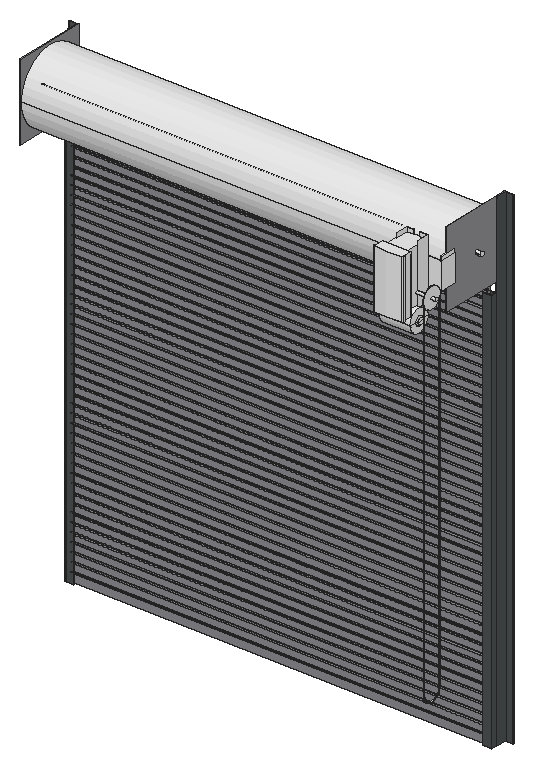
Revit family "Doors_Fire-Doors-Shutters_Overhead-Door-Corporation_FireKing-Fire-Rated-Insulated-Service-Doors-635_", category Specialty Equipment, host Wall, Revit 2019
Family settings
  Host = Wall
  Round Connector Dimension = Use Diameter
  Part Type = Normal
  OmniClass Number = 23.30.10.21.34
  OmniClass Title = Industrial Doors
  Always vertical = Yes
  Cut with Voids When Loaded = Yes
  Shared = No
  Room Calculation Point = No
Parameters (values of type "115 volts, one phase, 60 Hz (110-120V range)")
  Width Count [instance] = if(or(Opening Width < 168", Opening Width = 168"), 14, if(or(Opening Width < 240", Opening Width = 240"), 20, 24))  # 14
  Warning Sign [instance] = if(Calculated Area > 683.00 SF, 1 = 1, 1 = 2)  # no
  Warning (Note) [instance] = if(Warning Sign, "The Door Area is out of the limit; please adjust accordingly. The maximum allowed area is 683 sq. ft.", if(HC Warning = 1, "Headroom Clearance Dimensions - out of the limits. Consult Factory", " "))  # " "
  Wall Thickness [instance] = 6"
  Voltage = 115 V
  True Opening Width [instance] = if(Between Jambs Mounting, Door Width True, Clear Width)  # 120"
  True Opening Height [instance] = if(Between Jambs Mounting, Clear Height + Headroom Height, Clear Height)  # 120"
  Slat Type [instance] = "F-265i"  # constant formula
  Slat Material [instance] = Steel - Overhead Door - Gray
  Slat Length [instance] = if(Between Jambs Mounting, Clear Width + 1 13/16" * 2, Clear Width + 1 9/16" * 2 + 1/4" * 2)  # 123 5/8"
  Slat Height [instance] = 13 19/128"  # constant formula
  Slat [instance] = 3  # constant formula
  Product Page URL = "https://www.overheaddoor.com/fire-rated-insulated-doors-635"
  Power Factor = 1
  Powder Coat (Note) = "PowderGuard® Premium powder coat finish options are available in approximately 200 colors as well as custom matching to specification. PowderGuard® Textured finish, a thicker, more scratch resistant coat, is available in 11 colors providing enhanced scratch resistance as well as aiding in hiding the dirt and blemishes that often occur in commercial environments.​"  # constant formula
  Operator Visibility = yes
  Operation (Note) [instance] = "Door could operate by manual push, crank, electrical operator or chain hoist. Manual push up and crank could be used up to 80 sf, for larger door sizes you have to use Chain Hoist operator."  # constant formula
  Opening Width Real [instance] = if(Opening Width > Max Opening Width, Max Opening Width, if(Opening Width < Min Opening Width, Min Opening Width, Opening Width))  # 120"
  Opening Width [instance] = 120"
  Opening Height Real [instance] = if(Opening Height > Max Opening Height, Max Opening Height, if(Opening Height < Min Opening Height, Min Opening Height, Opening Height))  # 120"
  Opening Height [instance] = 120"
  One Array element [instance] = not(Array Vis)  # no
  Number of Poles = 1
  Motor Type [instance] = if(Between Jambs Mounting, "RSX FDO Front of Hood", if(Motor Option < 2, "RSX FDO Front of Hood", if(Motor Option = 2, "RSX FDO Top of Hood", if(Motor Option = 3, "RSX Wall Mount", "RSX Bench Mount"))))  # "RSX FDO Front of Hood"
  Motor Selection (Note) [instance] = "Generic operator shown. Contact Overhead Door when dimensions are critical. "  # constant formula
  Motor Position [instance] = if(Between Jambs Mounting, BJ Displacement Real, 2 1/2")  # 2 1/2"
  Motor Option Real [instance] = if(Between Jambs Mounting, 1, if(Motor Option < 1, 1, if(Motor Option > 4, 4, Motor Option)))  # 1
  Motor Option [instance] = 1
  Min Opening Width [instance] = if(Between Jambs Mounting, 18" + BJ Displacement Real * 2 + 2 3/4" * 2, 18")  # 18"
  Min Opening Height [instance] = if(Between Jambs Mounting, 24" + Headroom Height, 24")  # 24"
  Max Opening Width [instance] = 288"  # constant formula
  Max Opening Height [instance] = 288"  # constant formula
  Lookup Table = "Hood Dimensions"  # constant formula
  Lookup BD [instance] = size_lookup(Lookup Table, "A3", 10", Width Count, Height Count)  # 21 1/2"
  Jambs Offset [instance] = if(Between Jambs Mounting, BJ Displacement Real + 2 3/4", 0")  # 0"
  Installation Real [instance] = if(Between Jambs Mounting, Wall Thickness / 2 - Guid Depth / 2, Wall Thickness)  # 6"
  Hood Type [instance] = if(Hood Option < 2, "No Hood", if(Hood Option = 2, "Square Hood", if(Hood Option = 3, "Octagon Hood", "Round Hood")))  # "No Hood"
  Hood Option [instance] = 1
  Hood Offset [instance] = if(Chain Hoist or Manual, 1", 3")  # 3"
  Hood Material [instance] = Metal - Overhead Door - Gray
  Hood Height [instance] = if(Between Jambs Mounting, Headroom Height - Hood Offset, if(Hood Option > 1, Headroom Height - Hood Offset - 1 1/2", Headroom Height - Hood Offset))  # 22 5/8"
  Height Count [instance] = HC 3  # 10
  Lookup HH [instance] = size_lookup(Lookup Table, "B3", 10", Width Count, Height Count)  # 23 5/8"
  Headroom Height [instance] = if(Chain Hoist or Manual, Lookup HH, Lookup HH + 2")  # 25 5/8"
  HC Warning [instance] = size_lookup(Lookup Table, "W3", 0, Width Count, Height Count)  # 0
  HC 3 [instance] = if(or(Opening Height < 120", Opening Height = 120"), 10, if(or(Opening Height < 168", Opening Height = 168"), 14, if(or(Opening Height < 192", Opening Height = 192"), 16, if(or(Opening Height < 216", Opening Height = 216"), 18, if(or(Opening Height < 228", Opening Height = 228"), 19, if(or(Opening Height < 252", Opening Height = 252"), 21, 24))))))  # 10
  Guide Type [instance] = if(Between Jambs Mounting, "Angled Between Jambs Z Guide", "Angled Z Guide")  # "Angled Z Guide"
  Guide Option [instance] = if(Between Jambs Mounting, 1, 2)  # 2
  Guid Depth [instance] = 5"  # constant formula
  Frequency = 60 Hz
  Face of Wall Offset [instance] = if(Between Jambs Mounting, 0", 5")  # 5"
  Face Of Wall Mounting [instance] = not(Between Jambs Mounting)  # yes
  Door Width True [instance] = if(Between Jambs Mounting, Clear Width + BJ Displacement Real * 2 + 2 3/4" * 2, Clear Width + 5 3/4" * 2)  # 131 1/2"
  Door Width (Real) [instance] = if(Between Jambs Mounting, Clear Width, Clear Width + 1" / 2)  # 120 1/2"
  Door Height True [instance] = Clear Width + Headroom Height  # 145 5/8"
  Door Height (Real) [instance] = Clear Height + Hood Offset  # 123"
  URL = "https://www.overheaddoor.com/"
  Product data url = "https://www.bimobject.com/overhead-door/product/fireking-fire-rated-service-doors-635"
  Product Guid = "b92c1c0a-c28d-4141-9bd0-b1420aeda4f7"
  Model = "635"  # constant formula
  Manufacturer = "Overhead Door Corporation"  # constant formula
  Wall Closure = By host
  Floor To (CL) of Shaft [instance] = Clear Height + Hood Height / 2 + Hood Offset  # 134 5/16"
  Finish Material = Finish - Overhead Door - Black
  Description = "FireKing Model 635 Insulated Rolling Fire Door R-Value 4.5 STC 21"  # constant formula
  Clear Width [instance] = if(Between Jambs Mounting, Opening Width Real - BJ Displacement Real * 2 - 2 3/4" * 2, Opening Width Real)  # 120"
  Clear Height [instance] = if(Between Jambs Mounting, Opening Height Real - Headroom Height, Opening Height Real)  # 120"
  Chain Hoist or Manual = no
  Current = 20 A
  Connector Array Distance = 0"  # constant formula
  Connector Array = if(Chain Hoist or Manual, 2, 3)  # 3
  Between Jambs Mounting [instance] = no
  Between Jambs Guides Offset [instance] = 3"
  Bar [instance] = if(and(Hood Option > 1, Face Of Wall Mounting), 1 = 1, 1 = 2)  # no
  Backroom Depth [instance] = Lookup BD  # 21 1/2"
  BJ Opening Cut [instance] = if(Between Jambs Mounting, Headroom Height, 0")  # 0"
  BJ Displacement Real [instance] = if(Between Jambs Mounting, if(Between Jambs Guides Offset < 3", 3", if(Between Jambs Guides Offset > 6 3/4", 6 3/4", Between Jambs Guides Offset)), 0")  # 0"
  Array Vis [instance] = if(Array < 2, 1 = 2, 1 = 1)  # yes
  Array Real [instance] = if(Array < 2, 2, Array)  # 10
  Array Length [instance] = (Array) * Slat Height  # 131 31/64"
  Array [instance] = rounddown(([Door Height (Real)]) / Slat Height) + 1  # 10
  Calculated Area [instance] = [Door Width (Real)] * [Door Height (Real)]  # 102.927 SF
  Apparent Load Phase 3 = if(Number of Poles = 1, 0 VA, (Voltage * Current * sqrt(3)) / 3)  # 0 VA
  Apparent Load Phase 2 = if(Number of Poles = 1, 0 VA, (Voltage * Current * sqrt(3)) / 3)  # 0 VA
  Apparent Load Phase 1 = if(Number of Poles = 1, Voltage * Current, (Voltage * Current * sqrt(3)) / 3)  # 2300 VA
Reference planes (in)
  plane 1 "Center (Front/Back)": y = -14.625
  plane 2 "Center (Left/Right)": x = 0
  plane 3 "Left": x = -60
  plane 4 "Right": x = 60
  plane 5 "Exterior": y = -8.625
  plane 6 "Interior": y = -14.625
  plane 7: x = 65.75
  plane 8: x = -65.75
  plane 9: z = 120
  plane 10 "Main": y = -19.15209
  plane 11 "Backroom Depth": y = -36.125
  plane 12 "Main Door Block": y = -14.625
  plane 13 "Bottom Bar": z = 2.75
  plane 14: y = -19.625
  plane 15: z = 134.23438
  plane 16: z = 145.625
  plane 17: z = 123
  plane 18: z = 147.125
  plane 19: z = 0
  plane 20: z = 60
  plane 21: y = -18.88622
  plane 22: y = 18.375
  plane 23: y = -41.625
  plane 24 "Double Main": y = -18.57372
  plane 25 "Headroom Top": z = 145.625
  plane 26: z = 134.3125
  plane 27: x = 63.25
  plane 28: x = -63.25
Forms (in)
  Extrusion 1, void
    sketch origin (0, -14.625, 0) x (0, 0, -1) y (-1, 0, 0)
      loop
        line (-120, 60) -> (-120, -60) -> (0, -60) -> (0, 60) -> (-120, 60)
    from 0 to 6
  Extrusion 2, solid, material "Metal - Overhead Door - Gray" <- "Hood Material", visible <- "Bar"
    sketch origin (0, 0, 0) x (0, 1, 0) y (0, 0, 1)
      loop
        line (-14.875, 145.625) -> (-14.625, 145.625) -> (-14.625, 147.125) -> (-14.875, 147.125) -> (-14.875, 145.625)
    from -63 to 63
Lines and regions (in)
  symbolic lines, visible <- "Bar"
    curve 1: line (63, -14.625, 0) -> (-63, -14.625, 0)
    curve 2: line (-63, -14.875, 0) -> (63, -14.875, 0)
Text (in)
  text "Exterior" at (-74.96733, 27.31104, 0), in view "Ref. Level"
  text "Interior" at (-74.96733, -25.14366, 0), in view "Ref. Level"
  text "Exterior" at (0, 40.15149, 123.01588), in view "Right"
  text "Interior" at (0, -64.39139, 123.01588), in view "Right"
  text "Interior" at (0, -31.01599, 123.00693), in view "Left"
  text "Exterior" at (0, 54.57065, 123.00693), in view "Left"
Dimensions and locks (in)
  equal spacing: plane 3 "Left", plane 2 "Center (Left/Right)", plane 4 "Right"
  "Clear Width": plane 3 "Left" to plane 4 "Right"
  level to host wall = 459.59655"
  "Clear Height": level to plane 9
  plane 7 to plane 8 = 131 1/2"
  equal spacing: plane 7, plane 2 "Center (Left/Right)", plane 8
  locked: plane 13 "Bottom Bar" to level at 2.75
  "Door Width True": plane 7 to plane 8
  "Guid Depth": plane 14 to plane 12 "Main Door Block"
  locked: plane 14 to plane 10 "Main" at 0.47291
  equal spacing: group 1, group 3, group 4, group 5, group 6, group 7, group 8, group 9, group 10, group 2  (x3)
  "Array Length": plane 15 to plane 13 "Bottom Bar"
  "Backroom Depth": plane 11 "Backroom Depth" to plane 12 "Main Door Block"
  "Hood Height": plane 16 to plane 17
  locked: plane 18 to plane 16 at 1.5
  locked: Extrusion 2 sketch curve to Extrusion 2 sketch curve at 0.25
  "Installation Real": plane 1 "Center (Front/Back)" to plane 5 "Exterior"
  "Wall Thickness": host wall to host wall
  equal spacing: plane 9, plane 20, plane 19
  locked: plane 10 "Main" to plane 21 at 0.26587
  equal spacing: plane 22, host wall, plane 23
  locked: plane 22 to plane 23 at 60
  locked: plane 10 "Main" to plane 24 "Double Main" at 0.57837
  "BJ Opening Cut": Extrusion 1 sketch curve to plane 9
  locked: Extrusion 2 sketch curve to Extrusion 2 sketch curve at 1.5
  "Hood Offset": plane 17 to plane 9
  "Headroom Height": plane 25 "Headroom Top" to plane 9
  "Floor To (CL) of Shaft": plane 26 to level
  "Jambs Offset": plane 4 "Right" to Extrusion 1 sketch curve
  "Jambs Offset": Extrusion 1 sketch curve to plane 3 "Left"
  "Motor Position": plane 7 to plane 27
  "Motor Position": plane 28 to plane 8
  locked: plane 28 to Extrusion 2 at 0.25
  locked: Extrusion 2 to plane 27 at 0.25
  aligned and locked: plane 5 "Exterior" to host wall
  aligned and locked: host wall to plane 6 "Interior"
  aligned and locked: level to Extrusion 1 sketch curve
  aligned and locked: Extrusion 1 to plane 5 "Exterior"
  aligned and locked: plane 6 "Interior" to Extrusion 1
  aligned and locked: nested 1 to plane 10 "Main"
  aligned and locked: nested 2 to plane 10 "Main"
  aligned and locked: plane 13 "Bottom Bar" to nested 1
  aligned and locked: nested 3 to plane 2 "Center (Left/Right)"
  aligned and locked: plane 16 to nested 4
  aligned and locked: nested 3 to level
  aligned and locked: Extrusion 2 sketch curve to plane 18
  aligned and locked: Extrusion 2 sketch curve to plane 6 "Interior"
  aligned and locked: curve 1 to Extrusion 2  (x2)
  aligned and locked: curve 2 to Extrusion 2  (x2)
  aligned and locked: Extrusion 2 to curve 2
  aligned and locked: plane 12 "Main Door Block" to plane 1 "Center (Front/Back)"
  aligned and locked: nested 4 to plane 5 "Exterior"
  aligned and locked: level to plane 19
  aligned and locked: plane 15 to nested 2
  aligned and locked: nested 3 to plane 1 "Center (Front/Back)"
  aligned and locked: plane 2 "Center (Left/Right)" to nested 5
  aligned and locked: nested 5 to plane 22
  aligned and locked: plane 23 to nested 6
  aligned and locked: nested 6 to plane 2 "Center (Left/Right)"
  aligned and locked: nested 7 to plane 20
  aligned and locked: plane 2 "Center (Left/Right)" to nested 7
  aligned and locked: nested 7 to plane 10 "Main"
  aligned and locked: plane 13 "Bottom Bar" to nested 8
  aligned and locked: plane 2 "Center (Left/Right)" to nested 8
  aligned and locked: nested 8 to plane 10 "Main"
  aligned and locked: nested 4 to plane 27
  aligned and locked: plane 2 "Center (Left/Right)" to nested 1
  aligned and locked: plane 2 "Center (Left/Right)" to nested 9
Automatic sketch dimensions
  curve 1 to curve 2 = 0"
Nested families (in)
  nested 1: "Slat" at (0, -19.15209, 2.75), visible <- "Array Vis", type "Slat"
  nested 2: "Slat" at (0, -19.15209, 121.08438), visible <- "Array Vis", type "Slat"
  nested 3: "Lifts" at (0, -14.625, 0), type "Frame Unit"
    with Square Hood no, Round Hood no, Octagon Hood no, No Hood yes, Hood Offset 3", Hood Height 22 5/8", Headroom Height Real 25 5/8", Half Octagon Side 4.4528", Half Hood Height 22 5/8", Shaft Offset 10 3/4", Radius Hood 10 3/4", Headroom Height 25 5/8", Header Width 21 1/2", Floor To (CL) of Shaft 134 5/16"
  nested 4: "Motor" at (56.3705, -43.705, 123.2425), visible <- "Operator Visibility", type "Trolley Motor"
    with Vertical Mount 22.3825", Hood Width Real 21 1/2", Hood Width 21 1/2", Hood Height 22 5/8", Floor To Cl Shaft 134 5/16"
  nested 5: "Label Annotation 1" at (0, 18.375, 0), visible <- "Warning Sign", type "Label Annotation 1"
  nested 6: "Label Annotation 1" at (0, -41.625, 0) x (-1, 0, 0) z (0, 0, 1), visible <- "Warning Sign", type "Label Annotation 1"
  nested 7: "Warning Sign" at (0, -19.15209, 60), visible <- "Warning Sign", type "Warning Sign"
    with Warning Sign no
  nested 8: "Slat" at (0, -19.15209, 2.75), visible <- "One Array element", type "Slat"
  nested 9: "Slat" at (0, -19.15209, 15.89826), visible <- "Array Vis", type "Slat"
  nested 10: "Slat" at (0, -19.15209, 29.04653), visible <- "Array Vis", type "Slat"
  nested 11: "Slat" at (0, -19.15209, 42.19479), visible <- "Array Vis", type "Slat"
  nested 12: "Slat" at (0, -19.15209, 55.34306), visible <- "Array Vis", type "Slat"
  nested 13: "Slat" at (0, -19.15209, 68.49132), visible <- "Array Vis", type "Slat"
  nested 14: "Slat" at (0, -19.15209, 81.63958), visible <- "Array Vis", type "Slat"
  nested 15: "Slat" at (0, -19.15209, 94.78785), visible <- "Array Vis", type "Slat"
  nested 16: "Slat" at (0, -19.15209, 107.93611), visible <- "Array Vis", type "Slat"
Connectors (in)
  electrical at (59.3585, -42.31077, 133.8123), driven by "Apparent Load Phase 1", driven by "Number of Poles", driven by "Power Factor", driven by "Voltage", driven by "Apparent Load Phase 2", driven by "Apparent Load Phase 3"
    settings: on nested 4, index 1, voltage 115 V, apparent load 0 VA, apparent load phase1 2300 VA, apparent load phase2 0 VA, apparent load phase3 0 VA, power factor 1, load classification "Other", number of poles 1, system type 31, power factor state 1, is connector primary yes, connector utility no, sub classification motor no, connector description "Electrical Connector"
Definition of nested family "Slat"
  Parameters (values of type "Slat")
    Slat Width = 3/4"  # constant formula
    Slat Position = 2.63" * 5  # 13.15"
    Slat Option = 3
    Panel Material = none
    Opening Width = 123 5/8"
    F 265 = 1 = 1  # yes
    Default Elevation = 48"
  Reference planes (in)
    plane 1 "Center (Front/Back)": y = 0
    plane 2: z = 0
    plane 3 "Center (Left/Right)": x = 0
    plane 4: x = -61.8125
    plane 5: x = 61.8125
    plane 6: y = 0.75
    plane 7: y = 0
    plane 8: z = 0
    plane 9: z = 13.15
    plane 10: y = 0.375
  Forms (in)
    Extrusion 1, solid, material <- "Panel Material", visible <- "F 265"
      sketch origin (0, -4.98186, 13.15) x (0, 1, 0) y (0, 0, 1)
        loop
          arc (5.17373, -0.11957) -> (5.57105, 0.04102) -> (5.14251, 0.0437) r 0.21842
          line (5.14251, 0.0437) -> (4.98186, -0.36818) -> (4.98186, -2.21216) -> (5.67186, -2.21216) -> (5.67186, -2.96114)
          arc (5.67186, -2.96114) -> (5.65961, -2.98532) -> (5.63287, -2.98976) r 0.03
          line (5.63287, -2.98976) -> (5.15787, -2.8405) -> (5.17381, -2.76244)
          arc (5.17381, -2.76244) -> (5.57162, -2.60343) -> (5.14325, -2.59768) r 0.21842
          line (5.14325, -2.59768) -> (4.98186, -3.01145) -> (4.98186, -4.83587) -> (5.67186, -4.83587) -> (5.67186, -5.57705)
          arc (5.67186, -5.57705) -> (5.65961, -5.60124) -> (5.63287, -5.60567) r 0.03
          line (5.63287, -5.60567) -> (5.15819, -5.45652) -> (5.17407, -5.37876)
          arc (5.17407, -5.37876) -> (5.57157, -5.21912) -> (5.14325, -5.2136) r 0.21842
          line (5.14325, -5.2136) -> (4.98186, -5.62736) -> (4.98186, -7.4614) -> (5.67186, -7.4614) -> (5.67186, -8.20377)
          arc (5.67186, -8.20377) -> (5.65961, -8.22795) -> (5.63287, -8.23239) r 0.03
          line (5.63287, -8.23239) -> (5.15787, -8.08313) -> (5.17381, -8.00507)
          arc (5.17381, -8.00507) -> (5.57162, -7.84606) -> (5.14325, -7.84031) r 0.21842
          line (5.14325, -7.84031) -> (4.98186, -8.25408) -> (4.98186, -10.08693) -> (5.67186, -10.08693) -> (5.67186, -10.8306)
          arc (5.67186, -10.8306) -> (5.65961, -10.85479) -> (5.63287, -10.85922) r 0.03
          line (5.63287, -10.85922) -> (5.15819, -10.71007) -> (5.17407, -10.6323)
          arc (5.17407, -10.6323) -> (5.57157, -10.47266) -> (5.14325, -10.46715) r 0.21842
          line (5.14325, -10.46715) -> (4.98186, -10.88091) -> (4.98186, -12.71247) -> (5.67186, -12.71247) -> (5.67186, -13.46787)
          arc (5.67186, -13.46787) -> (5.65961, -13.49205) -> (5.63287, -13.49649) r 0.03
          line (5.63287, -13.49649) -> (5.15787, -13.34723) -> (5.17381, -13.26917)
          arc (5.17381, -13.26917) -> (5.57144, -13.10921) -> (5.14285, -13.1063) r 0.21842
          line (5.14285, -13.1063) -> (5.09243, -13.35158)
          arc (5.09243, -13.35158) -> (5.09708, -13.37943) -> (5.11919, -13.39699) r 0.03935
          line (5.11919, -13.39699) -> (5.62788, -13.55684)
          arc (5.62788, -13.55684) -> (5.6992, -13.54501) -> (5.73186, -13.48052) r 0.08
          line (5.73186, -13.48052) -> (5.73186, -11.02515)
          arc (5.73186, -11.02515) -> (5.70998, -10.97017) -> (5.6563, -10.94527) r 0.08
          line (5.6563, -10.94527) -> (5.15805, -10.91757)
          arc (5.15805, -10.91757) -> (5.1326, -10.90703) -> (5.12205, -10.88158) r 0.03599
          line (5.12205, -10.88158) -> (5.14644, -10.7683) -> (5.62788, -10.91957)
          arc (5.62788, -10.91957) -> (5.6992, -10.90774) -> (5.73186, -10.84325) r 0.08
          line (5.73186, -10.84325) -> (5.73186, -8.39831)
          arc (5.73186, -8.39831) -> (5.70998, -8.34334) -> (5.6563, -8.31844) r 0.08
          line (5.6563, -8.31844) -> (5.15803, -8.29076)
          arc (5.15803, -8.29076) -> (5.13258, -8.28021) -> (5.12203, -8.25476) r 0.036
          line (5.12203, -8.25476) -> (5.14608, -8.14135) -> (5.62788, -8.29274)
          arc (5.62788, -8.29274) -> (5.6992, -8.28091) -> (5.73186, -8.21642) r 0.08
          line (5.73186, -8.21642) -> (5.73186, -5.7716)
          arc (5.73186, -5.7716) -> (5.70998, -5.71663) -> (5.6563, -5.69173) r 0.08
          line (5.6563, -5.69173) -> (5.15805, -5.66403)
          arc (5.15805, -5.66403) -> (5.1326, -5.65348) -> (5.12205, -5.62803) r 0.03599
          line (5.12205, -5.62803) -> (5.14644, -5.51475) -> (5.62788, -5.66603)
          arc (5.62788, -5.66603) -> (5.6992, -5.6542) -> (5.73186, -5.5897) r 0.08
          line (5.73186, -5.5897) -> (5.73186, -3.15569)
          arc (5.73186, -3.15569) -> (5.70998, -3.10071) -> (5.6563, -3.07581) r 0.08
          line (5.6563, -3.07581) -> (5.15803, -3.04813)
          arc (5.15803, -3.04813) -> (5.13258, -3.03758) -> (5.12203, -3.01213) r 0.036
          line (5.12203, -3.01213) -> (5.14608, -2.89872) -> (5.62788, -3.05011)
          arc (5.62788, -3.05011) -> (5.6992, -3.03828) -> (5.73186, -2.97379) r 0.08
          line (5.73186, -2.97379) -> (5.73186, -0.5124)
          arc (5.73186, -0.5124) -> (5.7099, -0.45735) -> (5.65608, -0.43252) r 0.08
          line (5.65608, -0.43252) -> (5.15717, -0.40616)
          arc (5.15717, -0.40616) -> (5.13253, -0.39595) -> (5.12232, -0.37131) r 0.03484
          line (5.12232, -0.37131) -> (5.17373, -0.11957)
      from -61.8125 to 61.8125
  Lines and regions (in)
    reference lines
      curve 1: line (0, -4.98186, 13.15) -> (0, 10.2077, 13.15)
  Dimensions and locks (in)
    equal spacing: plane 4, plane 3 "Center (Left/Right)", plane 5
    "Opening Width": plane 4 to plane 5
    "Slat Width": plane 1 "Center (Front/Back)" to plane 6
    "Slat Position": plane 9 to level
    equal spacing: plane 1 "Center (Front/Back)", plane 10, plane 6
    aligned and locked: plane 2 to level
    aligned and locked: plane 1 "Center (Front/Back)" to plane 7
    aligned and locked: level to plane 8
    aligned and locked: plane 5 to Extrusion 1
    aligned and locked: plane 4 to Extrusion 1
    aligned and locked: curve 1 to plane 9
  Automatic sketch dimensions
    plane 1 "Center (Front/Back)" to curve 1 = 4.98186"
    curve 1 to plane 6 = 9.4577"
    curve 1 to Extrusion 1 sketch curve = 4.98186"  (x2)
    Extrusion 1 sketch curve to Extrusion 1 sketch curve = 0"  (x4)
    curve 1 to Extrusion 1 sketch curve = 0.36818"
    Extrusion 1 sketch curve to Extrusion 1 sketch curve = 0.11057"
    Extrusion 1 sketch curve to Extrusion 1 sketch curve = 0.02676"
    Extrusion 1 sketch curve to Extrusion 1 sketch curve = 0.14017"  (x2)
    Extrusion 1 sketch curve to Extrusion 1 sketch curve = 0.14019"  (x2)
    curve 1 to Extrusion 1 sketch curve = 0.37131"
    Extrusion 1 sketch curve to Extrusion 1 sketch curve = 0.14046"
    Extrusion 1 sketch curve to Extrusion 1 sketch curve = 0.0118"
    Extrusion 1 sketch curve to curve 1 = 0.0437"
    Extrusion 1 sketch curve to Extrusion 1 sketch curve = 0.02019"
    Extrusion 1 sketch curve to Extrusion 1 sketch curve = 0.02119"  (x2)
    Extrusion 1 sketch curve to Extrusion 1 sketch curve = 0.02122"  (x2)
    curve 1 to Extrusion 1 sketch curve = 2.59768"
    Extrusion 1 sketch curve to Extrusion 1 sketch curve = 0.02405"  (x2)
    Extrusion 1 sketch curve to Extrusion 1 sketch curve = 0.02439"  (x2)
    Extrusion 1 sketch curve to Extrusion 1 sketch curve = 0.03484"
    Extrusion 1 sketch curve to Extrusion 1 sketch curve = 0.02689"
    Extrusion 1 sketch curve to Extrusion 1 sketch curve = 0.01179"  (x2)
    curve 1 to Extrusion 1 sketch curve = 3.04813"
    Extrusion 1 sketch curve to Extrusion 1 sketch curve = 0.036"  (x2)
    Extrusion 1 sketch curve to Extrusion 1 sketch curve = 0.03599"  (x2)
    Extrusion 1 sketch curve to Extrusion 1 sketch curve = 0.01175"  (x2)
    curve 1 to Extrusion 1 sketch curve = 0.11957"
    Extrusion 1 sketch curve to Extrusion 1 sketch curve = 0.03122"
    Extrusion 1 sketch curve to Extrusion 1 sketch curve = 0.01594"  (x3)
    curve 1 to Extrusion 1 sketch curve = 2.76244"
    Extrusion 1 sketch curve to Extrusion 1 sketch curve = 0.01588"  (x2)
    curve 1 to Extrusion 1 sketch curve = 0"
    Extrusion 1 sketch curve to Extrusion 1 sketch curve = 0.18305"  (x2)
    Extrusion 1 sketch curve to Extrusion 1 sketch curve = 0.18279"  (x2)
    Extrusion 1 sketch curve to Extrusion 1 sketch curve = 0.21361"
    Extrusion 1 sketch curve to Extrusion 1 sketch curve = 0.27102"
    curve 1 to Extrusion 1 sketch curve = 3.05011"
    Extrusion 1 sketch curve to Extrusion 1 sketch curve = 0.46985"  (x2)
    Extrusion 1 sketch curve to Extrusion 1 sketch curve = 0.46983"  (x2)
    curve 1 to Extrusion 1 sketch curve = 2.98976"
    Extrusion 1 sketch curve to Extrusion 1 sketch curve = 0.00499"  (x5)
    Extrusion 1 sketch curve to Extrusion 1 sketch curve = 0.00899"  (x5)
    Extrusion 1 sketch curve to Extrusion 1 sketch curve = 0.01"  (x5)
    Extrusion 1 sketch curve to Extrusion 1 sketch curve = 0.02398"  (x4)
    Extrusion 1 sketch curve to Extrusion 1 sketch curve = 0.49469"
    curve 1 to Extrusion 1 sketch curve = 0.43252"
    Extrusion 1 sketch curve to Extrusion 1 sketch curve = 0.00422"
    Extrusion 1 sketch curve to Extrusion 1 sketch curve = 0.02842"  (x4)
    curve 1 to Extrusion 1 sketch curve = 3.07581"
    Extrusion 1 sketch curve to Extrusion 1 sketch curve = 0.315"  (x3)
    Extrusion 1 sketch curve to Extrusion 1 sketch curve = 0.02"  (x2)
    Extrusion 1 sketch curve to Extrusion 1 sketch curve = 0.08"  (x2)
    Extrusion 1 sketch curve to Extrusion 1 sketch curve = 0.06"
    Extrusion 1 sketch curve to Extrusion 1 sketch curve = 1.68018"
    Extrusion 1 sketch curve to Extrusion 1 sketch curve = 0.37773"
    Extrusion 1 sketch curve to Extrusion 1 sketch curve = 0.04559"  (x3)
    Extrusion 1 sketch curve to Extrusion 1 sketch curve = 0.07776"  (x2)
    Extrusion 1 sketch curve to Extrusion 1 sketch curve = 0.05823"  (x2)
    Extrusion 1 sketch curve to Extrusion 1 sketch curve = 0.11262"  (x2)
    Extrusion 1 sketch curve to Extrusion 1 sketch curve = 29/256"  (x2)
    Extrusion 1 sketch curve to Extrusion 1 sketch curve = 1.6898"
    Extrusion 1 sketch curve to Extrusion 1 sketch curve = 97/256"
    Extrusion 1 sketch curve to Extrusion 1 sketch curve = 0.07806"  (x2)
    Extrusion 1 sketch curve to Extrusion 1 sketch curve = 0.05822"
    Extrusion 1 sketch curve to Extrusion 1 sketch curve = 0.11273"
    Extrusion 1 sketch curve to Extrusion 1 sketch curve = 0.11341"
    Extrusion 1 sketch curve to Extrusion 1 sketch curve = 1.68862"
    Extrusion 1 sketch curve to Extrusion 1 sketch curve = 0.38021"
    Extrusion 1 sketch curve to Extrusion 1 sketch curve = 1.79489"
    Extrusion 1 sketch curve to Extrusion 1 sketch curve = 0.43753"
    Extrusion 1 sketch curve to Extrusion 1 sketch curve = 0.11917"
    Extrusion 1 sketch curve to Extrusion 1 sketch curve = 0.00435"
    Extrusion 1 sketch curve to Extrusion 1 sketch curve = 0.01222"
    Extrusion 1 sketch curve to Extrusion 1 sketch curve = 0.00068"
    Extrusion 1 sketch curve to Extrusion 1 sketch curve = 0.43112"
    Extrusion 1 sketch curve to Extrusion 1 sketch curve = 0.0313"
    Extrusion 1 sketch curve to Extrusion 1 sketch curve = 0.00034"
Definition of nested family "Lifts"
  Parameters (values of type "Frame Unit")
    True Width = if(Between Jambs, Opening Width, Opening Width + 1/2")  # 120 1/2"
    Square Hood [instance] = if(Hood Option = 2, 1 = 1, 1 = 2)  # no
    Round Hood [instance] = if(Hood Option > 3, 1 = 1, 1 = 2)  # no
    Rough Width = 0"
    Rough Height = 0"
    Octagon Hood [instance] = if(Hood Option = 3, 1 = 1, 1 = 2)  # no
    No Hood [instance] = if(Hood Option < 2, 1 = 1, 1 = 2)  # yes
    Hood Type = if(Hood Option < 2, "No Hood", if(Hood Option = 2, "Square Hood", if(Hood Option = 3, "Octagon Hood", "Round Hood")))  # "No Hood"
    Hood Option = 1
    Hood Offset = 3 1/2"
    Hood Height = Headroom Height Real - Hood Offset  # 18 1/8"
    Headroom Height Real = if(Between Jambs, Headroom Height, if(Hood Option > 1, Headroom Height - 1 1/2", Headroom Height))  # 21 5/8"
    Half Octagon Side = (Radius Hood * 2 * tan(180.00° / 8)) / 2  # 3.62437"
    Half Hood Height = Headroom Height - Hood Offset  # 18 1/8"
    E Guide Width = if(Between Jambs, Guide Offset - Z Guide Offset + BJ Connection Length - BJ Displacement * 2 / 3, 3 3/8")  # 3 3/8"
    E Guide Height = 3 7/16"
    Z Guide = 1 = 1  # yes
    Slat Material = none
    Shaft Offset = if(Hood Height < Header Width, (Header Width - (Header Width - Hood Height)) / 2, Header Width / 2)  # 8 3/4"
    Shaft Material = none
    Shaft Length 2 = 4 3/4"  # constant formula
    Shaft Length 1 = 4 3/4"  # constant formula
    Setback = if(Between Jambs, 0", 1/4")  # 1/4"
    Radius Hood = Shaft Offset  # 8 3/4"
    Opening Width = 120"
    Hood Material = none
    Headroom Height = 21 5/8"
    Header Width = 17 1/2"
    Opening Height = 120"
    Guide Type = if(Between Jambs, "Angled Between Jambs Z Guide", "Angled Z Guide")  # "Angled Z Guide"
    Guide Option = if(Between Jambs, 1, 2)  # 2
    Guide Offset = BJ Displacement + Z Guide Offset  # 3"
    Guide Z Wide = if(Between Jambs, Guide Offset - Z Guide Offset + BJ Connection Length - BJ Displacement * 2 / 3, 2 1/2")  # 2 1/2"
    Guide Z Height = 3.438"  # constant formula
    Floor To (CL) of Shaft = 132 9/16"
    Finish Material = none
    Face to Wall Mount = not(Between Jambs)  # yes
    Z Guide Offset = if(Between Jambs, 2 3/4", 3")  # 3"
    E Guide = if(Between Jambs, 1 = 1, 1 = 2)  # no
    Between Jambs = no
    BJ Position = if(and(Between Jambs, Guide Option < 2), 1/4", 0")  # 0"
    BJ Displacement = 0"
    BJ Connection Length = 1 / 3 * BJ Displacement  # 0"
    Angled Guide = 1 = 1  # yes
    Analytic Construction = "<None>"
  Reference planes (in)
    plane 1 "Center (Front/Back)": y = 0
    plane 2: z = 0
    plane 3 "Center (Left/Right)": x = 0
    plane 4 "Opening Height": z = 120
    plane 5: x = -65
    plane 6: x = 65
    plane 7: z = 141.625
    plane 8: y = 17.5
    plane 9 "Real Opening 2": x = -60.25
    plane 10 "Real Opening 1": x = 60.25
    plane 11: z = 123.5
    plane 12 "Main": y = 0
    plane 13: z = 132.5625
    plane 14: y = 8.75
    plane 15: x = 63.25
    plane 16: x = -63.25
    plane 17: x = -63.25
    plane 18: x = 63.25
    plane 19: y = 5
    plane 20: x = -63
    plane 21: x = 63
    plane 22: y = 8.75
    plane 23: z = 143.125
  Forms (in)
    Extrusion 1, solid, material <- "Slat Material"
      sketch origin (0, 0, 0) x (0, 1, 0) y (0, 0, 1)
        loop
          line (4.406, 2.375) -> (4.406, 2.75) -> (3.781, 2.75) -> (3.781, 2.375) -> (4.406, 2.375)
      from -63 to 63
    Extrusion 2, solid, material <- "Slat Material"
      sketch origin (0, 0, 0) x (0, 1, 0) y (0, 0, 1)
        loop
          line (4.406, 2.375) -> (3.781, 2.375) -> (3.781, 0) -> (4.406, 0) -> (4.406, 2.375)
      from -63 to 63
    Extrusion 3, solid, material <- "Shaft Material"
      sketch origin (0, -5.35201, 0) x (0, 1, 0) y (0, 0, 1)
        loop
          circle (14.10201, 132.5625) r 0.6
      from -65 to 65
    Extrusion 4, solid, material <- "Hood Material", visible <- "Square Hood"
      sketch origin (0, 0, 0) x (0, 1, 0) y (0, 0, 1)
        loop
          line (0, 123.5) -> (17.5, 123.5) -> (17.5, 141.625) -> (0, 141.625) -> (0, 123.5)
      from -63 to 63
    Extrusion 5, solid, material <- "Hood Material", visible <- "Round Hood"
      sketch origin (0, 0, 0) x (0, 1, 0) y (0, 0, 1)
        loop
          line (0, 141.625) -> (0, 123.5) -> (8.75, 123.5)
          arc (8.75, 123.5) -> (17.8125, 132.5625) -> (8.75, 141.625) r 9.0625
          line (8.75, 141.625) -> (0, 141.625)
      from -63 to 63
    Extrusion 6, solid, material <- "Finish Material", visible <- "E Guide"
      sketch origin (0, 0, 0) x (1, 0, 0) y (0, 1, 0)
        loop
          line (59.875, 0) -> (63.25, 0) -> (63.25, 3.4375) -> (63.1875, 3.4375)
          arc (63.1875, 3.4375) -> (63.05492, 3.38258) -> (63, 3.25) r 0.1875
          line (63, 3.25) -> (63, 0.25) -> (60.0625, 0.25)
          arc (60.0625, 0.25) -> (59.92992, 0.19508) -> (59.875, 0.0625) r 0.1875
          line (59.875, 0.0625) -> (59.875, 0)
        loop
          line (-59.875, 0) -> (-59.875, 0.0625)
          arc (-59.875, 0.0625) -> (-59.92992, 0.19508) -> (-60.0625, 0.25) r 0.1875
          line (-60.0625, 0.25) -> (-63, 0.25) -> (-63, 3.25)
          arc (-63, 3.25) -> (-63.05492, 3.38258) -> (-63.1875, 3.4375) r 0.1875
          line (-63.1875, 3.4375) -> (-63.25, 3.4375) -> (-63.25, 0) -> (-59.875, 0)
      from 0 to 141.625
    Extrusion 7, solid, material <- "Finish Material", visible <- "Z Guide"
      sketch origin (0, 0, 0) x (1, 0, 0) y (0, 1, 0)
        loop
          line (65.75, 0) -> (65.75, 0.062)
          arc (65.75, 0.062) -> (65.69494, 0.19494) -> (65.562, 0.25) r 0.188
          line (65.562, 0.25) -> (63.5, 0.25) -> (63.5, 3.25)
          arc (63.5, 3.25) -> (63.44494, 3.38294) -> (63.312, 3.438) r 0.188
          line (63.312, 3.438) -> (63.25, 3.438) -> (63.25, 0) -> (65.75, 0)
        loop
          line (-65.75, 0) -> (-63.25, 0) -> (-63.25, 3.438) -> (-63.312, 3.438)
          arc (-63.312, 3.438) -> (-63.44494, 3.38294) -> (-63.5, 3.25) r 0.188
          line (-63.5, 3.25) -> (-63.5, 0.25) -> (-65.562, 0.25)
          arc (-65.562, 0.25) -> (-65.69494, 0.19494) -> (-65.75, 0.062) r 0.188
          line (-65.75, 0.062) -> (-65.75, 0)
      from 0 to 141.625
    Extrusion 8, solid, material <- "Finish Material", visible <- "Angled Guide"
      sketch origin (0, 0, 0) x (1, 0, 0) y (0, 1, 0)
        loop
          line (60.5, 5) -> (60.5, 4.937)
          arc (60.5, 4.937) -> (60.55477, 4.80477) -> (60.687, 4.75) r 0.187
          line (60.687, 4.75) -> (63, 4.75) -> (63, 3.4375) -> (60.5, 3.4375) -> (60.5, 3.3745)
          arc (60.5, 3.3745) -> (60.55477, 3.24227) -> (60.687, 3.1875) r 0.187
          line (60.687, 3.1875) -> (62.75, 3.1875) -> (62.75, 1) -> (63, 1) -> (63, 0.6875) -> (63.25, 0.6875) -> (63.25, 5) -> (60.5, 5)
        loop
          line (-60.5, 5) -> (-63.25, 5) -> (-63.25, 0.6875) -> (-63, 0.6875) -> (-63, 1) -> (-62.75, 1) -> (-62.75, 3.1875) -> (-60.687, 3.1875)
          arc (-60.687, 3.1875) -> (-60.55477, 3.24227) -> (-60.5, 3.3745) r 0.187
          line (-60.5, 3.3745) -> (-60.5, 3.4375) -> (-63, 3.4375) -> (-63, 4.75) -> (-60.687, 4.75)
          arc (-60.687, 4.75) -> (-60.55477, 4.80477) -> (-60.5, 4.937) r 0.187
          line (-60.5, 4.937) -> (-60.5, 5)
      from 0 to 120
    Extrusion 9, solid, material <- "Hood Material"
      sketch origin (0, 0, 0) x (-1, 0, 0) y (0, 0, 1)
        loop
          line (63, 123.5) -> (63.25, 123.5) -> (63.25, 141.625) -> (63, 141.625) -> (63, 123.5)
        loop
          line (-63.25, 123.5) -> (-63, 123.5) -> (-63, 141.625) -> (-63.25, 141.625) -> (-63.25, 123.5)
      from 0 to 17.5
    Extrusion 10, solid, material <- "Shaft Material", visible <- "No Hood"
      sketch origin (0, 0, 0) x (0, 1, 0) y (0, 0, 1)
        loop
          circle (8.75, 132.5625) r 8.75
      from -63 to 63
    Extrusion 11, solid, material <- "Hood Material", visible <- "Octagon Hood"
      sketch origin (0, 0, 0) x (0, 1, 0) y (0, 0, 1)
        loop
          line (0, 141.625) -> (0, 123.5) -> (12.37437, 123.5) -> (17.5, 128.93813) -> (17.5, 136.18687) -> (12.37437, 141.625) -> (0, 141.625)
      from -63 to 63
  Lines and regions (in)
    Masking region 1
      outline origin (0, 0, 0) x (1, 0, 0) y (0, 1, 0)
        loop
          line (65, 9.35) -> (63.25, 9.35) -> (63.25, 8.15) -> (65, 8.15) -> (65, 9.35)
        loop
          line (-65, 8.15) -> (-63.25, 8.15) -> (-63.25, 9.35) -> (-65, 9.35) -> (-65, 8.15)
    Masking region 2
      outline origin (0, 0, 0) x (1, 0, 0) y (0, 1, 0)
        loop
          line (-63.25, 17.5) -> (-63.25, 0) -> (63.25, 0) -> (63.25, 17.5) -> (-63.25, 17.5)
    Masking region 3, visible <- "Z Guide"
      outline origin (0, 0, 0) x (1, 0, 0) y (0, 1, 0)
        loop
          line (65.562, 0.25) -> (63.5, 0.25) -> (63.5, 3.25)
          arc (63.5, 3.25) -> (63.44494, 3.38294) -> (63.312, 3.438) r 0.188
          line (63.312, 3.438) -> (63.25, 3.438) -> (63.25, 0) -> (65.75, 0) -> (65.75, 0.062)
          arc (65.75, 0.062) -> (65.69494, 0.19494) -> (65.562, 0.25) r 0.188
        loop
          line (-63.5, 0.25) -> (-65.562, 0.25)
          arc (-65.562, 0.25) -> (-65.69494, 0.19494) -> (-65.75, 0.062) r 0.188
          line (-65.75, 0.062) -> (-65.75, 0) -> (-63.25, 0) -> (-63.25, 3.438) -> (-63.312, 3.438)
          arc (-63.312, 3.438) -> (-63.44494, 3.38294) -> (-63.5, 3.25) r 0.188
          line (-63.5, 3.25) -> (-63.5, 0.25)
    Masking region 4, visible <- "E Guide"
      outline origin (0, 0, 0) x (1, 0, 0) y (0, 1, 0)
        loop
          line (-63.25, 3.4375) -> (-63.25, 0) -> (-59.875, 0) -> (-59.875, 0.0625)
          arc (-59.875, 0.0625) -> (-59.92992, 0.19508) -> (-60.0625, 0.25) r 0.1875
          line (-60.0625, 0.25) -> (-63, 0.25) -> (-63, 3.25)
          arc (-63, 3.25) -> (-63.05492, 3.38258) -> (-63.1875, 3.4375) r 0.1875
          line (-63.1875, 3.4375) -> (-63.25, 3.4375)
        loop
          line (63.25, 0) -> (63.25, 3.4375) -> (63.1875, 3.4375)
          arc (63.1875, 3.4375) -> (63.05492, 3.38258) -> (63, 3.25) r 0.1875
          line (63, 3.25) -> (63, 0.25) -> (60.0625, 0.25)
          arc (60.0625, 0.25) -> (59.92992, 0.19508) -> (59.875, 0.0625) r 0.1875
          line (59.875, 0.0625) -> (59.875, 0) -> (63.25, 0)
    symbolic lines
      curve 1: line (-63, 0, 0) -> (-63, 17.5, 0)
      curve 2: line (63, 17.5, 0) -> (63, 0, 0)
    symbolic lines, visible <- "Octagon Hood"
      curve 3: line (-63, 12.37437, 0) -> (63, 12.37437, 0)
  Dimensions and locks (in)
    Extrusion 1 sketch curve to level = 2 3/8"
    locked: Extrusion 1 sketch curve to Extrusion 1 sketch curve at 0.625
    locked: Extrusion 2 sketch curve to level at 2.375
    "Headroom Height Real": plane 7 to plane 4 "Opening Height"
    plane 8 to plane 1 "Center (Front/Back)" = 17 1/2"
    "Radius Hood": Extrusion 5 sketch curve to plane 8
    "Opening Height": plane 4 "Opening Height" to level
    "Hood Offset": plane 11 to plane 4 "Opening Height"
    "BJ Position": plane 12 "Main" to plane 1 "Center (Front/Back)"
    "Header Width": plane 12 "Main" to plane 8
    "Floor To (CL) of Shaft": plane 13 to level
    "Shaft Offset": Extrusion 3 sketch curve to plane 8
    locked: Extrusion 2 sketch curve to Extrusion 2 sketch curve at 0.625
    "Shaft Offset": plane 8 to plane 14
    locked: Masking region 1 sketch curve to Masking region 1 sketch curve at 1.2
    locked: Masking region 1 sketch curve to plane 14 at 0.6
    "Guide Offset": plane 10 "Real Opening 1" to plane 15
    "Guide Offset": plane 16 to plane 9 "Real Opening 2"
    locked: Extrusion 6 sketch curve to Extrusion 6 sketch curve at 0.25  (x4)
    "E Guide Height": Extrusion 6 sketch curve to Extrusion 6 sketch curve  (x2)
    "E Guide Width": Extrusion 6 sketch curve to Extrusion 6 sketch curve  (x2)
    locked: Extrusion 7 sketch curve to Extrusion 7 sketch curve at 0.25  (x4)
    "Guide Z Wide": Extrusion 7 sketch curve to Extrusion 7 sketch curve  (x2)
    "Guide Z Height": Extrusion 7 sketch curve to Extrusion 7 sketch curve  (x2)
    locked: Extrusion 8 sketch curve to Extrusion 8 sketch curve at 0.25  (x8)
    locked: Extrusion 8 sketch curve to Extrusion 8 sketch curve at 1.8125  (x2)
    locked: plane 19 to plane 12 "Main" at 5
    locked: Extrusion 8 sketch curve to Extrusion 8 sketch curve at 4.3125  (x2)
    locked: Extrusion 8 sketch curve to Extrusion 8 sketch curve at 0.3125  (x2)
    locked: Extrusion 8 sketch curve to Extrusion 8 sketch curve at 2.75  (x2)
    "Setback": plane 10 "Real Opening 1" to Extrusion 8 sketch curve
    "Setback": Extrusion 8 sketch curve to plane 9 "Real Opening 2"
    equal spacing: plane 16, plane 3 "Center (Left/Right)", plane 15
    "Z Guide Offset": Extrusion 7 sketch curve to plane 9 "Real Opening 2"
    "Z Guide Offset": plane 10 "Real Opening 1" to Extrusion 7 sketch curve
    "Z Guide Offset": plane 10 "Real Opening 1" to plane 18
    "Z Guide Offset": plane 17 to plane 9 "Real Opening 2"
    "Shaft Length 1": plane 5 to plane 9 "Real Opening 2"
    "Shaft Length 2": plane 6 to plane 10 "Real Opening 1"
    locked: Extrusion 2 sketch curve to plane 12 "Main" at 3.781
    locked: Extrusion 1 sketch curve to plane 12 "Main" at 3.781
    locked: Extrusion 2 to plane 18 at 0.25
    locked: Extrusion 2 to plane 17 at 0.25
    locked: plane 17 to plane 20 at 0.25
    locked: plane 21 to plane 18 at 0.25
    "Shaft Offset": Extrusion 10 sketch curve to plane 8
    plane 13 to plane 11 = 9 1/16"
    plane 7 to plane 13 = 9 1/16"
    "Shaft Offset": plane 22 to plane 8
    "Half Octagon Side": Extrusion 11 sketch curve to plane 13
    "Half Octagon Side": plane 13 to Extrusion 11 sketch curve
    "Half Octagon Side": plane 22 to Extrusion 11 sketch curve  (x2)
    equal spacing: plane 9 "Real Opening 2", plane 3 "Center (Left/Right)", plane 10 "Real Opening 1"
    "True Width": plane 9 "Real Opening 2" to plane 10 "Real Opening 1"
    locked: plane 23 to plane 7 at 1.5
    radius of Extrusion 6 sketch curve = 3/16"  (x4)
    radius of Extrusion 7 sketch curve = 0.188"  (x4)
    locked: Extrusion 8 sketch curve to Extrusion 8 sketch curve (radius 0.187")  (x4)
    "Radius Hood": radius of Extrusion 10 sketch curve
    aligned and locked: plane 2 to level
    aligned and locked: plane 5 to Extrusion 3
    aligned and locked: Extrusion 3 to plane 6
    aligned and locked: Extrusion 4 sketch curve to plane 7
    aligned and locked: Extrusion 4 sketch curve to plane 8
    aligned and locked: Extrusion 5 sketch curve to plane 7
    aligned and locked: plane 13 to Extrusion 3 sketch curve
    aligned and locked: plane 5 to Masking region 1 sketch curve
    aligned and locked: plane 6 to Masking region 1 sketch curve
    aligned and locked: Masking region 1 sketch curve to Masking region 1 sketch curve  (x2)
    aligned and locked: plane 12 "Main" to Extrusion 6 sketch curve  (x2)
    aligned and locked: Extrusion 6 sketch curve to plane 15
    aligned and locked: plane 16 to Extrusion 6 sketch curve
    aligned and locked: Extrusion 7 sketch curve to plane 1 "Center (Front/Back)"  (x2)
    aligned and locked: Extrusion 8 sketch curve to Extrusion 8 sketch curve  (x4)
    aligned and locked: plane 19 to Extrusion 8 sketch curve
    aligned and locked: Extrusion 8 sketch curve to plane 19
    aligned and locked: plane 4 "Opening Height" to Extrusion 8
    aligned and locked: Extrusion 5 sketch curve to plane 12 "Main"
    aligned and locked: plane 12 "Main" to Extrusion 4 sketch curve
    aligned and locked: Extrusion 9 sketch curve to plane 11  (x2)
    aligned and locked: Extrusion 9 sketch curve to plane 7  (x2)
    aligned and locked: plane 17 to Extrusion 9 sketch curve
    aligned and locked: Extrusion 9 sketch curve to plane 18
    aligned and locked: Masking region 2 sketch curve to Extrusion 4
    aligned and locked: Masking region 2 to curve 2  (x2)
    aligned and locked: Masking region 2 to curve 1  (x2)
    aligned and locked: Masking region 3 sketch curve to Extrusion 7  (x10)
    aligned and locked: Extrusion 7 to Masking region 3 sketch curve
    aligned and locked: Masking region 4 sketch curve to Extrusion 6  (x10)
    aligned and locked: Extrusion 2 to Extrusion 1
    aligned and locked: Extrusion 1 to Extrusion 2
    aligned and locked: curve 1 to Extrusion 9
    aligned and locked: Extrusion 9 to curve 2
    aligned and locked: Masking region 2 to plane 17
    aligned and locked: Masking region 2 to plane 18
    aligned and locked: plane 18 to Masking region 1 sketch curve
    aligned and locked: Masking region 1 sketch curve to plane 17
    aligned and locked: plane 20 to Extrusion 9 sketch curve
    aligned and locked: plane 21 to Extrusion 9 sketch curve
    aligned and locked: plane 20 to Extrusion 4
    aligned and locked: plane 20 to Extrusion 5
    aligned and locked: Extrusion 4 to plane 21
    aligned and locked: Extrusion 5 to plane 21
    aligned and locked: plane 13 to Extrusion 10 sketch curve
    aligned and locked: Extrusion 11 sketch curve to plane 12 "Main"
    aligned and locked: Extrusion 11 sketch curve to plane 7
    aligned and locked: Extrusion 11 sketch curve to plane 11
    aligned and locked: Extrusion 11 sketch curve to plane 8
    aligned and locked: Extrusion 11 to plane 20
    aligned and locked: Extrusion 11 to plane 21
    aligned and locked: plane 20 to Extrusion 10
    aligned and locked: Extrusion 10 to plane 21
    aligned and locked: plane 8 to Extrusion 9
    aligned and locked: Extrusion 11 to curve 3
    aligned and locked: plane 20 to curve 3
    aligned and locked: plane 21 to curve 3
    aligned and locked: Extrusion 7 to plane 7
    aligned and locked: plane 7 to Extrusion 6
    aligned and locked: Extrusion 4 sketch curve to plane 11
    aligned and locked: Extrusion 5 sketch curve to plane 11
  Automatic sketch dimensions
    Extrusion 2 sketch curve to level = 0"
    Extrusion 1 sketch curve to Extrusion 1 sketch curve = 3/8"
    plane 17 to Masking region 2 sketch curve = 0"
    Masking region 2 sketch curve to plane 18 = 0"
    Masking region 2 sketch curve to plane 1 "Center (Front/Back)" = 0"
    radius of Extrusion 3 sketch curve = 0.6"
Definition of nested family "Motor"
  Parameters (values of type "Trolley Motor")
    Wall Mount RSX = if(Chain Hoist, 1 = 2, if(Motor Option = 3, 1 = 1, 1 = 2))  # no
    Top Mount RSX = if(Chain Hoist, 1 = 2, if(Motor Option = 2, 1 = 1, 1 = 2))  # no
    Shaft Material = none
    Real Exterior Wall Offset = if(Wall Mount RSX, Displacement, Exterior Wall Offset + if(and(BJ, Bench Mount RSX, Hood Width < 19 1/2"), 2.6", 0"))  # 6"
    Not Chain Hoist = not(Chain Hoist)  # yes
    Not Bench + Top = not(or(Top Mount RSX, Chain Hoist, Bench Mount RSX))  # yes
    Horizontal Mount = if(Face Mount RSX, 5.08" + 0.12" + 2.38", if(Top Mount RSX, 11.19", if(Wall Mount RSX, 5.08", if(Bench Mount RSX, 4.77" + if(or(Hood Width < 14", Hood Width = 14"), 6.13", if(or(Hood Width < 16", Hood Width = 16"), 4.13", 3 1/4")), 0"))))  # 7.58"
    Not Fire King = if(Chain Hoist, 1 = 2, not(Chain Hoist))  # yes
    Vertical Mount = if(Face Mount RSX, 11.07" + Hood Height / 2, if(Top Mount RSX, 14.92" - 0.13" - 2.38", if(Wall Mount RSX, 20.03" + 6" + Hood Height / 2, if(Bench Mount RSX, 20" + 2.29" + Hood Height / 2, Hood Height))))  # 20.3825"
    Motor Type = if(Motor Option < 2, "RSX FDO Face Mount", if(Motor Option = 2, "RSX FDO Top Mount", if(Motor Option = 3, "RSX Wall Mount", if(Motor Option = 4, "RSX Bench Mount", "Chain Hoist"))))  # "RSX FDO Face Mount"
    Motor Option = 1
    Main Material = none
    Hood Width Real = if(Wall Mount RSX, 0", if(Chain Hoist, if(Hood Height < Hood Width, (Hood Width + (Hood Width - Hood Height)) / 2, Hood Width / 2), Hood Width))  # 17 1/2"
    Hood Width = 17 1/2"
    Hood Height = 18 5/8"
    Hood Mount = if(or(Face Mount RSX, Top Mount RSX), 0.37", if(Wall Mount RSX, if(BJ, 12.24" + BJ Displacement, 14.74"), if(Bench Mount RSX, 14.49", 4.26")))  # 0.37"
    Floor To Cl Shaft = 132 5/16"
    Fire King RHX = 1 = 2  # no
    Top Option Offset = if(or(Top Mount RSX, Bench Mount RSX), 20", 0")  # 0"
    Face+Top = if(Chain Hoist, 1 = 2, if(or(Face Mount RSX, Top Mount RSX), 1 = 1, 1 = 2))  # yes
    Face Mount RSX = if(Chain Hoist, 1 = 2, if(Motor Option < 2, 1 = 1, 1 = 2))  # yes
    Top + Bench = if(Chain Hoist, 1 = 2, if(or(Top Mount RSX, Bench Mount RSX), 1 = 1, 1 = 2))  # no
    Face + Top + Bench = if(Chain Hoist, 1 = 2, if(or(Face Mount RSX, Top Mount RSX, Bench Mount RSX), 1 = 1, 1 = 2))  # yes
    Exterior Wall Offset = 6"
    Displacement = 6"
    Default Elevation = 48"
    Chain V Offset = if(or(Face Mount RSX, Wall Mount RSX), 6.53", if(or(Top Mount RSX, Bench Mount RSX), 18.81", Hood Height / 2))  # 6.53"
    Chain H Offset = if(or(Face Mount RSX, Wall Mount RSX), 1.19", if(or(Top Mount RSX, Bench Mount RSX), 6.53", 0"))  # 1.19"
    Chain Hoist = no
    Bench Mount RSX = if(Chain Hoist, 1 = 2, if(Motor Option > 3, 1 = 1, 1 = 2))  # no
    BJ Displacement = 0"
    BJ = no
    Angle = if(or(Bench Mount RSX, Top Mount RSX), 90.00°, 180.00°)  # 180.00°
  Reference planes (in)
    plane 1 "Center (Front/Back)": y = 0
    plane 2: z = 0
    plane 3 "Center (Left/Right)": x = 0
    plane 4: y = 0
    plane 5: y = 1.19
    plane 6: z = -125.7825
    plane 7: z = -95.7825
    plane 8: z = 6.53
    plane 9 "Chain Hoist": z = 6.53
    plane 10 "Top Of Hood": z = 20.3825
    plane 11: y = 7.58
    plane 12: z = 0
    plane 13 "Hood Face": x = 6.8795
    plane 14: x = 7.2495
    plane 15: y = 25.08
    plane 16 "Wall": y = 31.08
  Forms (in)
    Extrusion 1, solid, material <- "Main Material", visible <- "Not Chain Hoist"
      sketch origin (0, 0, 18.8898) x (1, 0, 0) y (0, 1, 0)
        loop
          line (-4.134, -2.41307) -> (4.116, -2.41307) -> (4.116, -2.29347) -> (3.108, -2.29347)
          arc (3.108, -2.29347) -> (3.02315, -2.25832) -> (2.988, -2.17347) r 0.12
          line (2.988, -2.17347) -> (2.988, 4.96193) -> (-2.988, 4.96193) -> (-2.988, -2.17347)
          arc (-2.988, -2.17347) -> (-3.02315, -2.25832) -> (-3.108, -2.29347) r 0.12
          line (-3.108, -2.29347) -> (-4.134, -2.29347) -> (-4.134, -2.41307)
      from -16.64 to 0
    Extrusion 2, solid, material <- "Main Material", visible <- "Not Chain Hoist"
      sketch origin (0, 0, 18.8898) x (1, 0, 0) y (0, 1, 0)
        loop
          line (-4.134, -2.41307) -> (-4.134, -5.05565) -> (-4.3324, -5.05565) -> (-4.3324, -5.3122)
          arc (-4.3324, -5.3122) -> (-4.24466, -5.55085) -> (-4.02324, -5.67585) r 0.36846
          arc (-4.02324, -5.67585) -> (0, -6.0017) -> (4.02324, -5.67585) r 25
          arc (4.02324, -5.67585) -> (4.24466, -5.55085) -> (4.3324, -5.3122) r 0.36846
          line (4.3324, -5.3122) -> (4.3324, -5.05565) -> (4.116, -5.05565) -> (4.116, -2.41307) -> (-4.134, -2.41307)
      from -17 to 0.35839
    Revolve 3, solid, material <- "Main Material", visible <- "Not Fire King"
      sketch origin (2.0828, 5.66524, 0) x (0, -1, 0) y (1, 0, 0)
        loop
          line (5.66524, -9.0813) -> (5.66524, 3.1162) -> (4.82413, 3.1162) -> (4.82413, 2.7162) -> (4.39283, 2.7162) -> (4.39283, 2.4872) -> (2.44007, 2.4872) -> (2.44007, -6.6585) -> (3.79863, -6.6585) -> (3.79863, -7.51105) -> (3.89778, -7.6102) -> (5.36033, -7.6102) -> (5.36033, -7.8313) -> (4.69783, -7.8313) -> (4.69783, -9.0813) -> (5.66524, -9.0813)
        axis (5.66524, -9.0813) -> (5.66524, 3.1162)
      angle from 0 to 360
    Extrusion 4, solid, material <- "Main Material", visible <- "Wall Mount RSX"
      sketch origin (0, 0, 18.8898) x (1, 0, 0) y (0, 1, 0)
        loop
          line (-2.988, 5.08193) -> (-4.988, 5.08193) -> (-4.988, 4.96193) -> (-3.108, 4.96193) -> (-3.108, 1.46193) -> (-2.988, 1.46193) -> (-2.988, 5.08193)
        loop
          line (2.988, 5.08193) -> (2.988, 1.46193) -> (3.108, 1.46193) -> (3.108, 4.96193) -> (4.988, 4.96193) -> (4.988, 5.08193) -> (2.988, 5.08193)
      from -16.64 to 1.14
    Extrusion 5, solid, material <- "Main Material"
      sketch origin (0, 0.00141, 3.59957) x (0, 0, 1) y (0, -1, 0)
        loop
          circle (2.93043, -1.18859) r 3
      from 7.52 to 7.2495
    Sweep 6, solid, material <- "Main Material"
      path origin (7.38475, 9.53, 48) x (0, 1, 0) y (0, 0, 1)
        loop
          line (-11.34, -41.47) -> (-11.34, -143.7825)
          arc (-11.34, -143.7825) -> (-8.34, -146.7825) -> (-5.34, -143.7825) r 3
          line (-5.34, -143.7825) -> (-5.34, -41.47)
      profile origin (7.38475, -1.81, -44.62625) x (1, 0, 0) y (0, 1, 0)
        loop
          circle (0, 0.1) r 0.1
    Extrusion 7, solid, material <- "Main Material"
      sketch origin (0, 0.00141, 3.59957) x (0, 0, 1) y (0, -1, 0)
        loop
          circle (2.93043, -1.18859) r 0.4
      from 8.82 to 0
    Extrusion 8, solid, material <- "Main Material", visible <- "Face+Top"
      sketch origin (0, 0, 18.8898) x (1, 0, 0) y (0, 1, 0)
        loop
          line (7.2495, 5.08193) -> (7.2495, 9.82193) -> (7.1295, 9.82193) -> (7.1295, 5.20193) -> (-2.988, 5.20193) -> (-2.988, 5.08193) -> (7.2495, 5.08193)
      from -12.32 to -4.32
    Extrusion 9, solid, material <- "Main Material", visible <- "Face + Top + Bench"
      sketch origin (0.25, 0, 18.8898) x (1, 0, 0) y (0, 1, 0)
        loop
          line (-3.358, 5.08193) -> (-3.358, 1.46193) -> (-3.238, 1.46193) -> (-3.238, 4.96193) -> (-1.238, 4.96193) -> (-1.238, 5.08193) -> (-3.358, 5.08193)
        loop
          line (2.858, 5.08193) -> (0.738, 5.08193) -> (0.738, 4.96193) -> (2.738, 4.96193) -> (2.738, 1.46193) -> (2.858, 1.46193) -> (2.858, 5.08193)
      from -16.64 to 1.14
    Extrusion 10, solid, material <- "Main Material", visible <- "Face+Top"
      sketch origin (0, 0, 0) x (0, 0, 1) y (0, -1, 0)
        loop
          line (15.5698, -5.33193) -> (6.5698, -5.33193) -> (6.5698, -9.82193) -> (15.5698, -9.82193) -> (15.5698, -5.33193)
      from 6.8795 to 7.1295
    Extrusion 11, solid, material <- "Main Material", visible <- "Bench Mount RSX"
      sketch origin (0, 0, 18.8898) x (1, 0, 0) y (0, 1, 0)
        loop
          line (-6.9985, 5.08193) -> (3.108, 5.08193) -> (3.108, 5.20193) -> (-7.1205, 5.20193) -> (-7.1205, 1.33693) -> (-6.9985, 1.33693) -> (-6.9985, 5.08193)
      from -10.78 to -1.46
    Extrusion 12, solid, material <- "Main Material", visible <- "Bench Mount RSX"
      sketch origin (0, 0, 0) x (0, 0, 1) y (0, -1, 0)
        loop
          line (8.2698, -1.46193) -> (8.2698, -4.96193) -> (17.2698, -4.96193) -> (17.2698, -1.46193) -> (8.2698, -1.46193)
      from -7.24 to -7.1205
  Lines and regions (in)
    reference lines
      curve 1: line (0, 0, 0) -> (0, 0, 18.8898)
  Dimensions and locks (in)
    Extrusion 4 sketch curve to Extrusion 4 sketch curve = 3.62"
    locked: Extrusion 4 sketch curve to Extrusion 4 sketch curve at 0.12  (x3)
    "Chain H Offset": plane 4 to plane 5
    locked: plane 7 to plane 6 at 30
    locked: Sweep 6 sketch curve to profile plane at 0
    locked: profile plane to Sweep 6 sketch curve at 0.1
    locked: Sweep 6 sketch curve to Sweep 6 sketch curve at 6
    "Floor To Cl Shaft": plane 8 to plane 6
    "Horizontal Mount": plane 1 "Center (Front/Back)" to plane 11
    Extrusion 9 sketch curve to Extrusion 9 sketch curve = 3.62"
    locked: Extrusion 9 sketch curve to Extrusion 9 sketch curve at 0.12  (x3)
    "Top Option Offset": level to plane 12
    "Chain V Offset": plane 9 "Chain Hoist" to plane 12
    equal spacing: Sweep 6 sketch curve, plane 5, Sweep 6 sketch curve
    "Vertical Mount": plane 10 "Top Of Hood" to plane 12
    locked: Extrusion 2 sketch curve to Extrusion 2 sketch curve at 8.25
    locked: Extrusion 2 sketch curve to Extrusion 2 sketch curve at 2.64258
    locked: plane 3 "Center (Left/Right)" to plane 14 at 7.2495
    "Hood Mount": plane 13 "Hood Face" to plane 14
    locked: Extrusion 8 sketch curve to Extrusion 8 sketch curve at 0.12  (x2)
    locked: Extrusion 8 sketch curve to curve 1 at 5.08193
    "Hood Width Real": plane 11 to plane 15
    "Real Exterior Wall Offset": plane 15 to plane 16 "Wall"
    locked: Extrusion 8 sketch curve to Extrusion 8 sketch curve at 4.62
    Revolve 3 sketch curve to Revolve 3 sketch curve to Revolve 3 sketch curve to Revolve 3 sketch curve to Revolve 3 sketch curve to Revolve 3 sketch curve to Revolve 3 sketch curve = 1 1/4" locked, 0.2211" locked, 0.9517" locked, 9.1457" locked, 0.229" locked, 0.4" locked
    Revolve 3 sketch curve to Revolve 3 sketch curve to Revolve 3 sketch curve to Revolve 3 sketch curve to Revolve 3 sketch curve to Revolve 3 sketch curve to Revolve 3 sketch curve to Revolve 3 sketch curve = 0.30491" locked, 0.53619" locked, 0.12631" locked, 0.305" locked, 0.49505" locked, 0.09915" locked, 1.35856" locked
    locked: Extrusion 1 sketch curve to Extrusion 1 sketch curve at 0.1196
    locked: Extrusion 1 sketch curve to Extrusion 1 sketch curve at 5.976
    equal spacing: Extrusion 1 sketch curve, curve 1, Extrusion 1 sketch curve
    locked: curve 1 to Extrusion 1 sketch curve at 2.41307
    locked: Extrusion 1 sketch curve to Extrusion 1 sketch curve at 7.375
    locked: Extrusion 9 sketch curve to curve 1 at 1.46193
    equal spacing: Extrusion 4 sketch curve, curve 1, Extrusion 4 sketch curve
    locked: Extrusion 4 sketch curve to curve 1 at 1.46193
    locked: Extrusion 10 sketch curve to Extrusion 10 sketch curve at 4.49
    locked: Extrusion 10 sketch curve to Extrusion 10 sketch curve at 9
    locked: Extrusion 10 sketch curve to curve 1 at 9.82193
    locked: Extrusion 10 sketch curve to curve 1 at 6.5698
    locked: Revolve 3 sketch curve to plane 3 "Center (Left/Right)" at 4.5757
    locked: Extrusion 4 sketch curve to Extrusion 4 sketch curve at 5.976
    locked: Extrusion 9 sketch curve to plane 3 "Center (Left/Right)" at 2.988
    locked: plane 3 "Center (Left/Right)" to Extrusion 9 sketch curve at 3.108
    locked: Extrusion 4 sketch curve to Extrusion 4 sketch curve at 2
    locked: Extrusion 4 sketch curve to Extrusion 4 sketch curve at 1.88
    locked: Extrusion 8 sketch curve to Extrusion 8 sketch curve at 10.2375
    locked: curve 1 to Extrusion 8 sketch curve at 7.2495
    locked: Extrusion 1 sketch curve to Extrusion 1 sketch curve at 1.128
    locked: Extrusion 1 sketch curve to Extrusion 1 sketch curve at 1.146
    locked: curve 1 to Extrusion 2 sketch curve at 2.41307
    locked: Extrusion 11 sketch curve to Extrusion 11 sketch curve at 0.122
    locked: Extrusion 11 sketch curve to Extrusion 11 sketch curve at 0.12
    locked: Extrusion 11 sketch curve to curve 1 at 6.9985
    locked: Extrusion 11 sketch curve to curve 1 at 5.08193
    locked: Extrusion 11 sketch curve to Extrusion 11 sketch curve at 10.1065
    locked: Extrusion 11 sketch curve to Extrusion 11 sketch curve at 3.865
    locked: Extrusion 12 sketch curve to Extrusion 12 sketch curve at 3.5
    locked: curve 1 to Extrusion 12 sketch curve at 1.46193
    locked: Extrusion 12 sketch curve to Extrusion 12 sketch curve at 9
